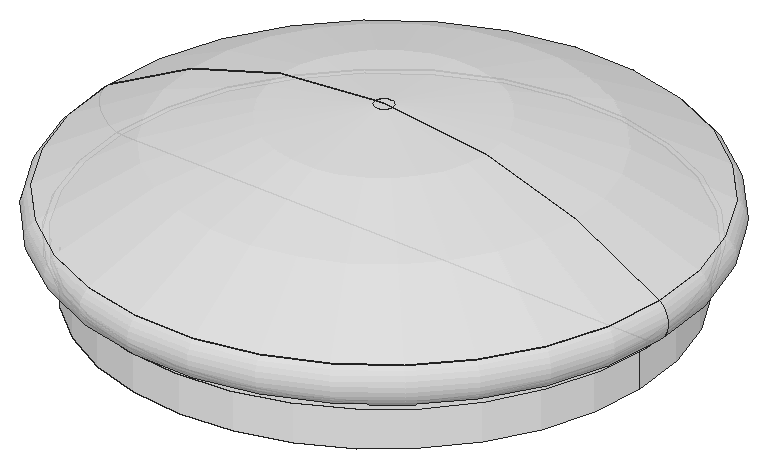
Revit family "0043264 Sylvania Lighting Fixture SYLCIRCLE SENSOR 17W 3000K", category Lighting Fixtures, host Face, Revit 2016
Family settings
  Host = Face
  Part Type = Normal
  Round Connector Dimension = Use Diameter
  OmniClass Number = 23.80.70.11.17
  OmniClass Title = Specialized Lighting by Location or Use
  Cut with Voids When Loaded = No
  Light Source = Yes
  Shared = No
  Room Calculation Point = No
Parameters (values of type "0043264 SYLCIRCLE SENSOR 17W 3000K")
  Weight = "4.128 kg"
  WarrantyStartDate [instance] = "n/a"
  WarrantyGuarantorParts = "n/a"
  WarrantyDurationUnit = "n/a"
  WarrantyDurationParts = "n/a"
  WarrantyDescription = "n/a"
  Voltage = 230 V
  TypeName = "SYLCIRCLE SENSOR 17W 3000K"
  SerialNumber [instance] = "n/a"
  Radius_FEILO = 165.0 mm
  Wattage = 17 W
  built-in parameter 1150110 = 1 (stored number, unit not read)
  URL = "http://www.sylvania-lighting.com"
  built-in parameter 1114217 = 1 (stored number, unit not read)
  Tilt Angle = -90°
  built-in parameter 1150109 = 1 (stored number, unit not read)
  built-in parameter 1150134 = (empty or 0)
  built-in parameter 1150113 = 1 (stored number, unit not read)
  PowerFactor = 0.7
  PowerConsumption = "17 W"
  Photometric Web File = "0043264.ies"
  NominalWidth = 0.0 mm
  NominalLength = 330.0 mm
  NominalHeight = 96.0 mm
  Name = "SYLCIRCLE SENSOR 17W 3000K"
  ModelReference = "SYLCIRCLE SENSOR 17W 3000K"
  ModelNumber = "0043264"
  Material_4_FEILO = none
  Material_3_FEILO = Polycarbonate_Sylvania_Sylcircle_Opal
  Material_2_FEILO = Metal_Sylvania_Sylcircle_White
  Material_1_FEILO = none
  Material = "aluminium housing, polycarbonate diffuser"
  ManufacturerName = "Feilo Sylvania"
  LuminousEfficacy = "88 lm/W"
  LuminaireType = ""
  LightOutputRatio = "n/a"
  LampsType = Lamp  # "LED"
  LampNominalLuminous = "1500 lm"
  LampMacAdamStep = "6"
  LampColourTemperature = "3000 K"
  LampColourRenderingIndex = "80"
  Keynote = "16500"
  InstallationDate [instance] = "n/a"
  InputVoltage = "220-240V~"
  InputNominalFrequency = "50 Hz"
  IngressProtection = "IP44"
  ImpactProtectionIndex = "IK03"
  IfcExportType = "IfcLightFixtureType"
  IfcExportAs = "IfcLightFixtureType"
  Height_FEILO = 96.0 mm
  ExpectedLife = 50000
  ElectricShockClassification = "Class I"
  DurationUnit = "hours"
  DocumentationLiterature = "http://www.sylvania-lighting.com/product/en-int/products/0043264"
  DimmingControlOptions = "Non dimmable"
  Diameter_FEILO = 2 * Radius_FEILO  # 330.0 mm
  CreatedOn = "5/25/2018"
  CreatedBy = "aron.fodor@sylvania-lighting.com"
  built-in parameter 1114216 [instance] = 1 (stored number, unit not read)
  Model = "SYLCIRCLE SENSOR 17W 3000K"
  Manufacturer = "Feilo Sylvania"
  built-in parameter 1150105 = 418.82 (stored number, unit not read)
  Lumens = 1496 lm
  built-in parameter 1150115 = 1 (stored number, unit not read)
  built-in parameter 1150137 = (empty or 0)
  built-in parameter 1150139 = (empty or 0)
  built-in parameter 1150112 = 1 (stored number, unit not read)
  built-in parameter 1150114 = 1 (stored number, unit not read)
  Lamp = "LED"
  built-in parameter 1150132 = 2
  built-in parameter 1150102 = (empty or 0)
  built-in parameter 1150107 = 3000 (stored number, unit not read)
  built-in parameter 1150138 = (empty or 0)
  built-in parameter 1150106 = 4.1882 (stored number, unit not read)
  built-in parameter 1150104 = 8.1755 (stored number, unit not read)
  Dimming Lamp Color Temperature Shift = <None>
  Description = "Ceiling / wall luminaire with integrated LED  Perfect solution for hallways, circulation spaces or foyer.   Even and uniform light distribution with a halo lighting effect on the wall surface    17W 1500 lumens Supplied with LED driver (non-dimmable)    IK03 PMMA diffuser   Low maintenance with 30,000 hours LED life expectancy   Integral on/off microwave sensor"
  Default Elevation = 0.0 mm
  Color Filter = 16777215
  built-in parameter 1140040 [instance] = 1
  BarCode [instance] = "n/a"
  built-in parameter 1114218 = 1 (stored number, unit not read)
  built-in parameter 1150133 = 10 (stored number, unit not read)
  AssetType = "Fixed"
  AssetIdentifier [instance] = "n/a"
  Assembly Code = "D5020200"
  Apparent Load = 17 VA
Reference planes
  plane 1 "Center (Front/Back)": y = 0
  plane 2: z = 0
  plane 3 "Center (Left/Right)": x = 0
  plane 4: x = 165
  plane 5: z = 23
  plane 6 "Housing Bottom": z = 27
  plane 7: z = 50
  plane 8 "Fixture Bottom": z = 96
  plane 9: x = 160
  plane 10: x = 155
  plane 11: x = 152
  plane 12: x = 148
Forms (mm)
  Revolve 1, solid, material "Polycarbonate_Sylvania_Sylcircle_Opal" <- "Material_3_FEILO", detail levels fine
    sketch origin (0, 0, 0) x (1, 0, 0) y (0, 0, 1)
      loop
        line (0, 96) -> (0, 27) -> (154.962, 27)
        arc (154.962, 27) -> (164.736, 36.911) -> (160, 50) r 13.044
        arc (160, 50) -> (85.841, 84.257) -> (5, 96) r 284.141
        line (5, 96) -> (0, 96)
      axis (0, 96) -> (0, 27)
    angle from 0 to 360
  Revolve 2, solid, material "Metal_Sylvania_Sylcircle_White" <- "Material_2_FEILO", detail levels fine
    sketch origin (0, 0, 0) x (1, 0, 0) y (0, 0, 1)
      loop
        line (152, 27) -> (0, 27) -> (0, 0) -> (148, 0) -> (148, 23) -> (152, 23) -> (152, 27)
      axis (0, 27) -> (0, 0)
    angle from 0 to 360
  Revolve 3, solid, material "Metal_Sylvania_Sylcircle_White" <- "Material_2_FEILO", detail levels coarse+medium
    sketch origin (0, 0, 0) x (1, 0, 0) y (0, 0, 1)
      loop
        line (0, 96) -> (0, 0) -> (148, 0) -> (148, 23) -> (152, 23) -> (152, 27) -> (154.962, 27)
        arc (154.962, 27) -> (164.736, 36.911) -> (160, 50) r 13.044
        arc (160, 50) -> (85.841, 84.257) -> (5, 96) r 284.141
        line (5, 96) -> (0, 96)
      axis (0, 96) -> (0, 0)
    angle from 0 to 360
Dimensions and locks
  "Height_FEILO": plane 8 "Fixture Bottom" to plane 2
  "Radius_FEILO": plane 4 to plane 3 "Center (Left/Right)"
  plane 6 "Housing Bottom" to plane 5 to plane 2 = 4.0 mm locked, 23.0 mm locked
  plane 4 to plane 9 to plane 10 to plane 11 to plane 12 = 5.0 mm locked, 5.0 mm locked, 3.0 mm locked, 4.0 mm locked
  aligned and locked: plane 2 to host face
  aligned and locked: level to host face
  aligned and locked: plane 1 "Center (Front/Back)" to imposter light
  aligned and locked: plane 3 "Center (Left/Right)" to imposter light
  aligned and locked: Revolve 1 sketch curve to plane 3 "Center (Left/Right)"
  aligned and locked: plane 6 "Housing Bottom" to Revolve 1 sketch curve  (x2)
  aligned and locked: Revolve 1 sketch curve to plane 8 "Fixture Bottom"
  aligned and locked: plane 9 to Revolve 1 sketch curve
  aligned and locked: Revolve 2 sketch curve to plane 6 "Housing Bottom"
  aligned and locked: Revolve 2 sketch curve to plane 11
  aligned and locked: Revolve 2 sketch curve to plane 5
  aligned and locked: Revolve 2 sketch curve to plane 12
  aligned and locked: Revolve 2 sketch curve to plane 2
  aligned and locked: Revolve 2 sketch curve to plane 3 "Center (Left/Right)"  (x2)
  aligned and locked: plane 8 "Fixture Bottom" to imposter light
  aligned and locked: plane 9 to Revolve 3 sketch curve
  aligned and locked: plane 6 "Housing Bottom" to Revolve 3 sketch curve
  aligned and locked: plane 7 to Revolve 3 sketch curve
  aligned and locked: Revolve 3 sketch curve to imposter light
  aligned and locked: Revolve 3 sketch curve to plane 11
  aligned and locked: Revolve 3 sketch curve to plane 2
  aligned and locked: Revolve 3 sketch curve to plane 5
  aligned and locked: Revolve 3 sketch curve to plane 12
Automatic sketch dimensions
  host sketch curve to host sketch curve = 1305.563 mm
  host sketch curve to host sketch curve = 1283.632 mm
  Revolve 1 sketch curve to plane 3 "Center (Left/Right)" = 0.0 mm
  Revolve 1 sketch curve to plane 7 = 0.0 mm
  Revolve 1 sketch curve to plane 10 = 0.038 mm
  plane 3 "Center (Left/Right)" to Revolve 1 sketch curve = 5.0 mm
  Revolve 1 sketch curve to plane 10 = 3.007 mm
  Revolve 1 sketch curve to Revolve 1 sketch curve = 234.06 mm
  Revolve 1 sketch curve to Revolve 1 sketch curve = 2559.943 mm
  Revolve 2 sketch curve to level = 372.274 mm
  plane 8 "Fixture Bottom" to Revolve 2 sketch curve = 2559.943 mm
  Revolve 3 sketch curve to plane 3 "Center (Left/Right)" = 0.0 mm  (x2)
  plane 3 "Center (Left/Right)" to Revolve 3 sketch curve = 5.0 mm
  Revolve 3 sketch curve to plane 10 = 0.038 mm
  Revolve 3 sketch curve to plane 11 = 0.007 mm
  Revolve 3 sketch curve to Revolve 3 sketch curve = 234.06 mm
  Revolve 3 sketch curve to Revolve 3 sketch curve = 2559.943 mm
Connectors
  electrical at (0, 0, 0), driven by "Apparent Load", driven by "Voltage", driven by "PowerFactor"
    settings: on Revolve 2, index 1, voltage 230 V, apparent load 0 VA, apparent load phase1 17 VA, apparent load phase2 0 VA, apparent load phase3 0 VA, power factor 0.7, load classification "Lighting", number of poles 1, system type 31, power factor state 1, is connector primary yes, connector utility no, sub classification motor no, connector description ""
